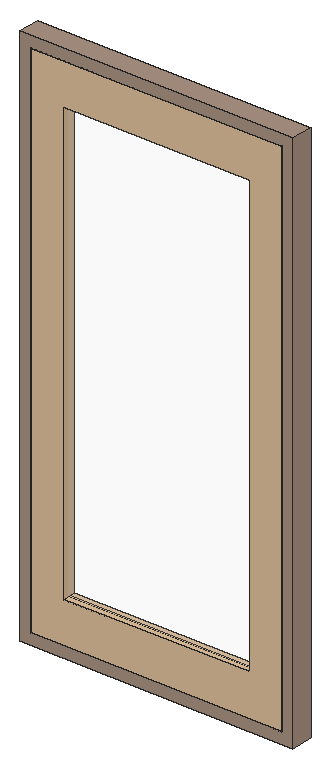
Revit family
Parameters (values of type "750x1500 mm")
  Top Rail = 100 mm
  Stile = 75 mm
  Shutter = Light Wood
  Panel = Glass (2)
  Height = 1500 mm
  Frame Width = 45 mm
  Frame Depth = 60 mm
  Frame = Dark Wood
  Default Sill Height = 800 mm
  Wall Closure = (empty or 0)
  Width = 750 mm
  Bottom Rail = 100 mm
Types (4, lengths in mm): name | Width
  (no name) | 750
  600x1500 mm | 600
  450x1500 mm | 450
  750x1500 mm | 750
Reference planes
  plane 1: y = 5
  plane 2 "Center (Left/Right)": x = 0
  plane 3 "Left": x = -375
  plane 4 "Right": x = 375
  plane 5 "Sill": z = 800
  plane 6 "Head": z = 2300
  plane 7 "Exterior": y = 80
  plane 8 "Interior": y = -70
  plane 9: x = -330
  plane 10: x = 330
  plane 11: y = 35
  plane 12: y = -25
  plane 13: z = 2255
  plane 14: z = 845
  plane 15: x = -255
  plane 16: x = 255
  plane 17: z = 2155
  plane 18: z = 945
  plane 19: z = 1550
Forms (mm)
  Sweep 1, solid, material "Dark Wood" <- "Frame"
    path origin (0, 5, 0) x (1, 0, 0) y (0, 0, 1)
      loop
        line (-375, 800) -> (375, 800) -> (375, 2300) -> (-375, 2300) -> (-375, 800)
    profile origin (0, 0, 1550) x (-1, 0, 0) y (0, -1, 0)
      loop
        line (375, 25) -> (345, 25) -> (345, -10) -> (330, -10) -> (330, -35) -> (375, -35) -> (375, 25)
  Extrusion 2, solid, material "Light Wood" <- "Shutter"
    sketch origin (0, -25, 0) x (1, 0, 0) y (0, 0, 1)
      loop
        line (345, 2270) -> (-345, 2270) -> (-345, 830) -> (345, 830) -> (345, 2270)
      loop
        line (-255, 2155) -> (-255, 945) -> (255, 945) -> (255, 2155) -> (-255, 2155)
    from 0 to -35
  Extrusion 3, solid, material "Glass (2)" <- "Panel"
    sketch origin (0, 0, 945) x (0, -1, 0) y (-1, 0, 0)
      loop
        line (5.5, -255) -> (9.5, -255) -> (9.5, 255) -> (5.5, 255) -> (5.5, -255)
    from 0 to -1210
Lines and regions (mm)
  Opening 1
    outline origin (3500, -70, 0) x (1, 0, 0) y (0, 0, 1)
      loop
        line (-3125, 800) -> (-3125, 2300) -> (-3875, 2300) -> (-3875, 800) -> (-3125, 800)
  symbolic lines, style "WindowsFrameMullionProjection", detail levels medium+fine
    curve 1: line (-330, 35, 0) -> (-375, 35, 0)
    curve 2: line (-375, 35, 0) -> (-375, -25, 0)
    curve 3: line (-375, -25, 0) -> (-345, -25, 0)
    curve 4: line (-345, -25, 0) -> (-345, 10, 0)
    curve 5: line (-345, 10, 0) -> (-330, 10, 0)
    curve 6: line (-330, 10, 0) -> (-330, 35, 0)
    curve 7: line (375, 35, 0) -> (330, 35, 0)
    curve 8: line (330, 35, 0) -> (330, 10, 0)
    curve 9: line (330, 10, 0) -> (345, 10, 0)
    curve 10: line (345, 10, 0) -> (345, -25, 0)
    curve 11: line (345, -25, 0) -> (375, -25, 0)
    curve 12: line (375, 35, 0) -> (375, -25, 0)
  symbolic lines, style "Plan Swing"
    curve 13: line (-345, 10, 0) -> (345, 10, 0)
    curve 14: line (-345, -25, 0) -> (345, -25, 0)
  symbolic lines, style "WindowsFrameMullionProjection", detail levels coarse
    curve 15: line (-345, -25, 0) -> (-375, -25, 0)
    curve 16: line (-345, 35, 0) -> (-345, -25, 0)
    curve 17: line (-375, 35, 0) -> (-345, 35, 0)
    curve 18: line (-375, -25, 0) -> (-375, 35, 0)
    curve 19: line (345, -25, 0) -> (375, -25, 0)
    curve 20: line (345, 35, 0) -> (345, -25, 0)
    curve 21: line (375, 35, 0) -> (345, 35, 0)
    curve 22: line (375, -25, 0) -> (375, 35, 0)
  symbolic lines, style "Elevation Swing Coarse", detail levels coarse
    curve 23: line (330, 0, 2255) -> (-330, 0, 1550)
    curve 24: line (330, 0, 845) -> (-330, 0, 1550)
  symbolic lines, style "Elevation Swing Fine", detail levels fine
    curve 25: line (330, 0, 2255) -> (-330, 0, 1550)
    curve 26: line (330, 0, 845) -> (-330, 0, 1550)
  symbolic lines, style "Elevation Swing Medium", detail levels medium
    curve 27: line (330, 0, 2255) -> (-330, 0, 1550)
    curve 28: line (330, 0, 845) -> (-330, 0, 1550)
Text (mm)
  text "EXTERIOR" at (-1963.203, 1332.353, 0), in view "Ref. Level"
  text "INTERIOR" at (-1981.466, -818.386, 0), in view "Ref. Level"
  text "Exterior" at (0, 923.751, 2943.296), in view "Right"
  text "Exterior" at (0, 1040.484, 2685.409), in view "Left"
Dimensions and locks
  equal spacing: plane 3 "Left", plane 2 "Center (Left/Right)", plane 4 "Right"
  "Width": plane 3 "Left" to plane 4 "Right"
  "Height": plane 5 "Sill" to plane 6 "Head"
  "Default Sill Height": plane 5 "Sill" to level
  locked: plane 7 "Exterior" to host wall at 0
  locked: plane 8 "Interior" to host wall
  locked: Sweep 1 sketch curve to Sweep 1 sketch curve at 15
  locked: Sweep 1 sketch curve to Sweep 1 sketch curve at 35
  "Frame Width": plane 3 "Left" to plane 9
  "Frame Width": plane 10 to plane 4 "Right"
  equal spacing: plane 12, plane 1, plane 11
  "Frame Depth": plane 12 to plane 11
  "Frame Width": plane 6 "Head" to plane 13
  "Frame Width": plane 14 to plane 5 "Sill"
  "Stile": plane 15 to plane 9
  "Stile": plane 10 to plane 16
  "Top Rail": plane 13 to plane 17
  "Bottom Rail": plane 18 to plane 14
  locked: Extrusion 2 to Extrusion 3 sketch curve at 15.5
  locked: Extrusion 3 sketch curve to Extrusion 2 at 15.5
  equal spacing: plane 6 "Head", plane 19, plane 5 "Sill"
  equal spacing: plane 8 "Interior", plane 1, plane 7 "Exterior"
  aligned and locked: host wall to Sweep 1 sketch curve
  aligned and locked: Sweep 1 sketch curve to host wall  (x3)
  aligned and locked: plane 12 to Sweep 1 sketch curve
  aligned and locked: Sweep 1 sketch curve to plane 3 "Left"
  aligned and locked: plane 11 to Sweep 1 sketch curve
  aligned and locked: plane 9 to Sweep 1 sketch curve
  aligned and locked: plane 15 to Extrusion 2 sketch curve
  aligned and locked: plane 17 to Extrusion 2 sketch curve
  aligned and locked: plane 18 to Extrusion 2 sketch curve
  aligned and locked: Extrusion 2 sketch curve to plane 16
  aligned and locked: Extrusion 2 to Extrusion 3 sketch curve
  aligned and locked: Extrusion 3 to Extrusion 2  (x2)
  aligned and locked: curve 1 to Sweep 1
  aligned and locked: Sweep 1 to curve 1
  aligned and locked: curve 2 to Sweep 1
  aligned and locked: curve 3 to Sweep 1
  aligned and locked: Sweep 1 to curve 4
  aligned and locked: Sweep 1 to curve 7
  aligned and locked: curve 7 to Sweep 1
  aligned and locked: curve 8 to Sweep 1
  aligned and locked: Sweep 1 to curve 9
  aligned and locked: Sweep 1 to curve 10
  aligned and locked: curve 10 to Sweep 1
  aligned and locked: curve 5 to curve 13
  aligned and locked: curve 15 to plane 12
  aligned and locked: Sweep 1 to curve 18
  aligned and locked: curve 18 to Sweep 1
  aligned and locked: curve 22 to Sweep 1
  aligned and locked: curve 23 to Sweep 1
  aligned and locked: Sweep 1 to curve 23
  aligned and locked: Sweep 1 to curve 24
Automatic sketch dimensions
  Opening 1 sketch curve to plane 3 "Left" = 0 mm
  Opening 1 sketch curve to plane 4 "Right" = 0 mm
  Opening 1 sketch curve to plane 5 "Sill" = 0 mm
  Opening 1 sketch curve to plane 6 "Head" = 0 mm
  Extrusion 2 sketch curve to plane 9 = 15 mm
  plane 10 to Extrusion 2 sketch curve = 15 mm
  plane 14 to Extrusion 2 sketch curve = 15 mm
  Extrusion 2 sketch curve to plane 13 = 15 mm
  Extrusion 3 sketch curve to plane 16 = 0 mm
  curve 5 to plane 9 = 15 mm
  curve 23 to plane 13 = 0 mm
  curve 25 to plane 10 = 0 mm
  curve 25 to plane 13 = 0 mm
  curve 27 to plane 10 = 0 mm
  curve 27 to plane 13 = 0 mm
  curve 23 to plane 19 = 0 mm
  curve 28 to plane 10 = 0 mm
  curve 28 to plane 14 = 0 mm
  curve 26 to plane 10 = 0 mm
  curve 26 to plane 14 = 0 mm
  curve 24 to plane 14 = 0 mm
